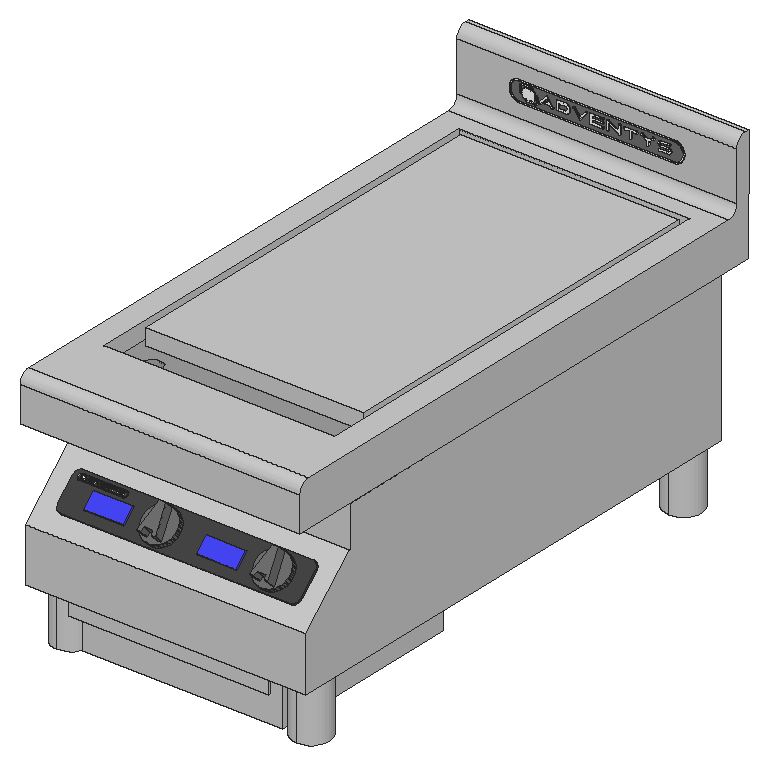
Revit family "QF_ADVENTYS_MOP2I_8000_250902084430", category Specialty Equipment, Revit 2021
Family settings
  Round Connector Dimension = Use Diameter
  Part Type = Normal
  OmniClass Number = 23.40.40.14
  OmniClass Title = Food Service Equipment
  Work Plane-Based = No
  Always vertical = Yes
  Cut with Voids When Loaded = No
  Shared = No
  Room Calculation Point = No
Parameters (values of type "ADV1660")
  Weight in Pounds [instance] = 0
  Weight = 51.00 kg
  Warranty Start Date [instance] = ""
  Warranty Duration [instance] = ""
  Volts [instance] = 400 V
  URL Recommended Spares List = ""
  URL Manufacturer = ""
  URL Cutsheet = ""
  URL Critical Spares List = ""
  URL = "www.adventys.com"
  Tag Number [instance] = ""
  Status [instance] = ""
  Specification by User [instance] = ""
  Specification by Manufacturer [instance] = ""
  Sound Level [instance] = ""
  Solid Fuel Type [instance] = ""
  Service Life Duration [instance] = ""
  Serial Number [instance] = ""
  Seismic Rating [instance] = ""
  SMACNA No [instance] = ""
  Revision Code [instance] = ""
  Revision [instance] = ""
  Production Year [instance] = ""
  Point Load [instance] = 0
  Phase [instance] = 3
  Other Equipment Approvals [instance] = ""
  Number of Poles [instance] = 3
  NAFEM Spec ID Number [instance] = ""
  Model Warning [instance] = ""
  Model = "MOP2I 8000"
  Min Ckt Ampacity [instance] = 0 A
  Max Overcurrent Protection [instance] = 16 A
  Masterspec [instance] = ""
  Manufacturer = "ADVENTYS"
  Length Actual = 400 mm
  Item Number [instance] = ""
  Installed By [instance] = ""
  Installation Date [instance] = ""
  Identify Quantity as Lot [instance] = no
  ID [instance] = ""
  Hygiene Approval [instance] = ""
  Hot Water Consumption = 0.0 L/s
  Height Actual = 456 mm
  HP power [instance] = ""
  Furnished By [instance] = ""
  Foodservice Equipment Identifier [instance] = no
  FL Amps [instance] = 12 A
  Electrical Remarks [instance] = "Plug not included"
  Electric power [instance] = 0 W
  Electric Connection Type [instance] = "Cord&Plug"
  Elec Conn RI Height [instance] = 0 mm
  Elec Conn Connection Height [instance] = 0 mm
  ETL Approved [instance] = no
  Description = "INDUCTION PLANCHA MODULE 2 ZONES THREE-PHASE"
  Depth Actual = 800 mm
  Default Elevation = 0 mm
  Cycle [instance] = 50 Hz
  Cost = 0
  Conn Plug [instance] = ""
  Conn Conduit [instance] = no
  CSI MasterFormat [instance] = ""
  CE Approved [instance] = no
  Barcode [instance] = 0
  Author [instance] = ""
  Asset Identifier [instance] = ""
  Apparent Power [instance] = 8000 VA
  Accessory = no
Reference planes
  plane 1 "Center (Front/Back)": y = 0
  plane 2: z = 0
  plane 3 "Center (Left/Right)": x = 0
Forms (mm)
  Extrusion 1, solid, not visible
    sketch origin (111.005, -39.002, 227.011) x (1, 0, 0) y (0, 1, 0)
      loop
        line (-2, 2) -> (-2, -2) -> (2, -2) -> (2, 2) -> (-2, 2)
    from -2 to 2
Dimensions and locks
  locked: Extrusion 1 to nested 2
  locked: nested 2 to Extrusion 1 at 2
  aligned and locked: level to plane 2
Nested families
  nested 1: "QF_ADVENTYS_ADV1660_2916" at (0, 0, 0), type "ADV1660"
    with Status "", Show Logo yes
  nested 2: "CONN_POINT_ELE_2D___Generic_Annotation" at (111.005, -37.002, 227.011), type "CONN_POINT_ELE_2D___Generic_Annotation"
    with Onboard connection annotation symbol visibility yes
Connectors
  electrical at (111.005, -37.002, 227.011), driven by "Apparent Power", driven by "Number of Poles", driven by "Volts"
    settings: on Extrusion 1, index 1, voltage 400 V, apparent load 0 VA, apparent load phase1 8000 VA, apparent load phase2 0 VA, apparent load phase3 0 VA, power factor 1, load classification "Other", number of poles 3, system type 31, power factor state 1, is connector primary yes, connector utility no, sub classification motor no, connector description "Electrical connection for MOP2I 8000"
Definition of nested family "QF_ADVENTYS_ADV1660_2916"
  Parameters (values of type "ADV1660")
    URL = "www.adventys.com"
    Status [instance] = ""
    Show Logo [instance] = yes
    Model = "MOP2i 8000"
    Manufacturer = "ADVENTYS"
    Description = "INDUCTION PLANCHA MODULE 2 ZONES THREE-PHASE"
    Default Elevation = 0 mm
    Author = "SPECIFI"
    Assembly Code = "E1090320"
  Reference planes
    plane 1 "Back": y = 0
    plane 2: z = 0
    plane 3 "Left": x = 0
    plane 4 "Right": x = 400
    plane 5 "Front": y = -800
    plane 6 "Top": z = 455.8
  Forms (mm)
    Extrusion 1, solid
      sketch origin (0, 0, 0) x (0, 1, 0) y (0, 0, 1)
        loop
          line (-790, 80) -> (-50, 80) -> (-50, 290.8) -> (-712.5, 290.8) -> (-712.5, 231.089) -> (-790, 157.462) -> (-790, 80)
      from 0 to 400
    Extrusion 2, solid
      sketch origin (0, 0, 0) x (0, 1, 0) y (0, 0, 1)
        loop
          line (-35, 355.8) -> (-50, 355.8) -> (-50, 290.8) -> (0, 290.8) -> (0, 455.8) -> (-5, 455.8)
          arc (-5, 455.8) -> (-15.607, 451.407) -> (-20, 440.8) r 15
          line (-20, 440.8) -> (-20, 370.8)
          arc (-20, 370.8) -> (-24.393, 360.193) -> (-35, 355.8) r 15
      from 0 to 400
    Extrusion 3, solid
      sketch origin (0, 0, 170) x (0, 1, 0) y (0, 0, 1)
        loop
          line (-800, 120.8) -> (-712.5, 120.8) -> (-712.5, 185.8) -> (-785, 185.8)
          arc (-785, 185.8) -> (-795.607, 181.407) -> (-800, 170.8) r 15
          line (-800, 170.8) -> (-800, 120.8)
      from 0 to 400
    Extrusion 4, solid
      sketch origin (0, 0, 0) x (1, 0, 0) y (0, 1, 0)
        loop
          line (0, -50) -> (0, -712.5) -> (400, -712.5) -> (400, -50) -> (0, -50)
        loop
          line (35, -60.313) -> (35, -693.8) -> (365, -693.8) -> (365, -60.313) -> (35, -60.313)
      from 290.8 to 355.8
    Extrusion 5, solid
      sketch origin (0, 0, 0) x (1, 0, 0) y (0, 1, 0)
        loop
          line (356.124, -632.3) -> (356.124, -70) -> (45.3, -70) -> (45.3, -632.3) -> (356.124, -632.3)
      from 333.147 to 355.8
    Extrusion 6, solid
      sketch origin (0, 0, 0) x (1, 0, 0) y (0, 1, 0)
        loop
          line (35, -60.313) -> (35, -693.8) -> (365, -693.8) -> (365, -60.313) -> (35, -60.313)
        loop
          circle (79.689, -664.448) r 14
      from 290.8 to 333.147
    Extrusion 7, solid
      sketch origin (0, 0, 0) x (0, 1, 0) y (0, 0, 1)
        loop
          line (-475, 78) -> (-785, 78) -> (-785, 58) -> (-783.5, 58) -> (-783.5, 76.5) -> (-760, 76.5) -> (-760, 3) -> (-475, 3) -> (-475, 78)
      from 57.647 to 342.939
    Revolve 8, solid
      sketch origin (29.5, 0, 0) x (0, 1, 0) y (0, 0, 1)
        loop
          line (-771, 80) -> (-771, 0) -> (-745, 0) -> (-745, 80) -> (-771, 80)
        axis (-745, 80) -> (-745, 0)
      angle from 0 to 360
    Revolve 9, solid
      sketch origin (371.5, 0, 0) x (0, 1, 0) y (0, 0, 1)
        loop
          line (-771, 80) -> (-771, 0) -> (-745, 0) -> (-745, 80) -> (-771, 80)
        axis (-745, 80) -> (-745, 0)
      angle from 0 to 360
    Revolve 10, solid
      sketch origin (29.5, 665, 0) x (0, 1, 0) y (0, 0, 1)
        loop
          line (-771, 80) -> (-771, 0) -> (-745, 0) -> (-745, 80) -> (-771, 80)
        axis (-745, 80) -> (-745, 0)
      angle from 0 to 360
    Revolve 11, solid
      sketch origin (371.5, 665, 0) x (0, 1, 0) y (0, 0, 1)
        loop
          line (-771, 80) -> (-771, 0) -> (-745, 0) -> (-745, 80) -> (-771, 80)
        axis (-745, 80) -> (-745, 0)
      angle from 0 to 360
    Extrusion 12, solid
      sketch origin (0, 0, -0.081) x (1, 0, 0) y (0, 0, 1)
        loop
          line (173, 264) -> (47, 264) -> (47, 170) -> (173, 170) -> (173, 264)
      from 47.858 to 50
    Extrusion 13, solid
      sketch origin (0, 0, -0.081) x (1, 0, 0) y (0, 0, 1)
        loop
          circle (110.78, 227.161) r 15
      from 36.426 to 47.858
    Extrusion 14, solid
      sketch origin (525, -711.774, 231.779) x (0, -0.724991, -0.688759) y (1, 0, 0)
        loop
          arc (26.45, -488.6) -> (29.379, -495.671) -> (36.45, -498.6) r 10
          line (36.45, -498.6) -> (72.45, -498.6)
          arc (72.45, -498.6) -> (79.521, -495.671) -> (82.45, -488.6) r 10
          line (82.45, -488.6) -> (82.45, -161.4)
          arc (82.45, -161.4) -> (79.521, -154.329) -> (72.45, -151.4) r 10
          line (72.45, -151.4) -> (36.45, -151.4)
          arc (36.45, -151.4) -> (29.379, -154.329) -> (26.45, -161.4) r 10
          line (26.45, -161.4) -> (26.45, -488.6)
      from 0 to 1.881
    Extrusion 15, solid
      sketch origin (517.5, -711.774, 231.779) x (0, -0.724991, -0.688759) y (1, 0, 0)
        loop
          line (44.95, -293.6) -> (68.95, -293.6) -> (68.95, -237.6) -> (44.95, -237.6) -> (44.95, -293.6)
      from 1.881 to 3.679
    Extrusion 16, solid
      sketch origin (526.25, -711.774, 231.779) x (0, -0.724991, -0.688759) y (1, 0, 0)
        loop
          line (77.193, -371.481) -> (78.52, -367.858) -> (79.283, -363.991) -> (79.427, -360.015) -> (78.941, -356.081) -> (77.862, -352.331) -> (76.265, -348.888) -> (74.254, -345.841) -> (71.944, -343.24) -> (69.45, -341.1) -> (66.873, -339.405) -> (64.297, -338.121) -> (61.785, -337.2) -> (59.381, -336.591) -> (56.817, -336.212) -> (54.45, -336.1) -> (52.084, -336.212) -> (49.52, -336.591) -> (47.116, -337.2) -> (44.604, -338.121) -> (42.027, -339.405) -> (39.45, -341.1) -> (36.956, -343.24) -> (34.647, -345.841) -> (32.636, -348.888) -> (31.039, -352.331) -> (29.959, -356.081) -> (29.474, -360.015) -> (29.618, -363.991) -> (30.381, -367.858) -> (31.708, -371.481) -> (33.507, -374.752) -> (35.926, -377.889) -> (38.945, -380.711) -> (42.475, -383.045) -> (46.365, -384.756) -> (50.423, -385.773) -> (54.45, -386.1) -> (58.478, -385.773) -> (62.536, -384.756) -> (66.426, -383.045) -> (69.956, -380.711) -> (72.974, -377.889) -> (75.393, -374.752) -> (77.193, -371.481)
      from 1.881 to 10
    Extrusion 17, solid
      sketch origin (526.25, -711.774, 231.779) x (0, -0.724991, -0.688759) y (1, 0, 0)
        loop
          line (72.45, -353.1) -> (72.45, -348.1) -> (31.45, -357.1) -> (31.45, -365.1) -> (72.45, -374.1) -> (72.45, -369.1) -> (66.45, -367.1) -> (66.45, -355.1) -> (72.45, -353.1)
      from 10 to 25.009
    Extrusion 18, solid, visible <- "Show Logo"
      sketch origin (-49.765, -309.46, 372.757) x (1, 0, 0) y (0, 0.724991, 0.688759)
        loop
          arc (88.581, -421.313) -> (88.113, -421.507) -> (87.92, -421.974) r 0.661
          line (87.92, -421.974) -> (87.92, -423.61)
          arc (87.92, -423.61) -> (88.124, -424.087) -> (88.609, -424.27) r 0.661
          line (88.609, -424.27) -> (88.609, -423.032)
          arc (88.609, -423.032) -> (88.952, -422.351) -> (89.662, -422.077) r 1.058
          line (89.662, -422.077) -> (92.486, -422.077)
          arc (92.486, -422.077) -> (92.335, -421.544) -> (91.833, -421.313) r 0.661
          line (91.833, -421.313) -> (88.581, -421.313)
        loop
          arc (88.581, -420.916) -> (87.833, -421.226) -> (87.523, -421.974) r 1.058
          line (87.523, -421.974) -> (87.523, -423.61)
          arc (87.523, -423.61) -> (87.843, -424.368) -> (88.609, -424.667) r 1.058
          arc (88.609, -424.667) -> (88.88, -425.483) -> (89.667, -425.828) r 1.058
          arc (89.667, -425.828) -> (89.974, -426.583) -> (90.725, -426.896) r 1.058
          line (90.725, -426.896) -> (93.719, -426.896)
          arc (93.719, -426.896) -> (94.467, -426.586) -> (94.777, -425.838) r 1.058
          line (94.777, -425.838) -> (94.777, -424.306)
          arc (94.777, -424.306) -> (94.463, -423.554) -> (93.708, -423.248) r 1.058
          arc (93.708, -423.248) -> (93.515, -422.517) -> (92.883, -422.101) r 1.058
          arc (92.883, -422.101) -> (92.625, -421.273) -> (91.833, -420.916) r 1.058
          line (91.833, -420.916) -> (88.581, -420.916)
        loop
          arc (93.719, -426.499) -> (94.187, -426.306) -> (94.38, -425.838) r 0.661
          line (94.38, -425.838) -> (94.38, -424.306)
          arc (94.38, -424.306) -> (94.185, -423.837) -> (93.714, -423.645) r 0.661
          line (93.714, -423.645) -> (93.714, -424.77)
          arc (93.714, -424.77) -> (93.404, -425.518) -> (92.656, -425.828) r 1.058
          line (92.656, -425.828) -> (90.064, -425.828)
          arc (90.064, -425.828) -> (90.254, -426.302) -> (90.725, -426.499) r 0.661
          line (90.725, -426.499) -> (93.719, -426.499)
        loop
          arc (95.546, -425.156) -> (95.587, -425.684) -> (96.116, -425.67) r 0.384
          line (96.116, -425.67) -> (96.845, -424.94) -> (99.743, -424.94) -> (100.472, -425.67)
          arc (100.472, -425.67) -> (101.001, -425.684) -> (101.042, -425.156) r 0.384
          line (101.042, -425.156) -> (98.294, -421.762) -> (95.546, -425.156)
        loop
          line (98.294, -423.127) -> (97.364, -424.275) -> (99.224, -424.275) -> (98.294, -423.127)
        loop
          line (102.315, -421.827) -> (102.315, -425.732) -> (105.995, -425.732)
          arc (105.995, -425.732) -> (107.947, -423.78) -> (105.995, -421.827) r 1.953
          line (105.995, -421.827) -> (102.315, -421.827)
        loop
          line (105.995, -422.854) -> (103.343, -422.854) -> (103.343, -424.705) -> (105.995, -424.705)
          arc (105.995, -424.705) -> (106.92, -423.78) -> (105.995, -422.854) r 0.925
        loop
          arc (109.84, -422.053) -> (109.312, -422.039) -> (109.27, -422.566) r 0.384
          line (109.27, -422.566) -> (112.019, -425.961) -> (114.767, -422.566)
          arc (114.767, -422.566) -> (114.725, -422.039) -> (114.197, -422.053) r 0.384
          line (114.197, -422.053) -> (112.019, -424.743) -> (109.84, -422.053)
        loop
          line (121.269, -421.781) -> (116.07, -421.781) -> (116.07, -425.732) -> (121.269, -425.732)
          arc (121.269, -425.732) -> (121.671, -425.331) -> (121.269, -424.93) r 0.401
          line (121.269, -424.93) -> (116.972, -424.93) -> (116.972, -424.139) -> (121.269, -424.139)
          arc (121.269, -424.139) -> (121.633, -423.775) -> (121.269, -423.412) r 0.363
          line (121.269, -423.412) -> (116.972, -423.412) -> (116.972, -422.583) -> (121.269, -422.583)
          arc (121.269, -422.583) -> (121.671, -422.182) -> (121.269, -421.781) r 0.401
        loop
          line (122.879, -422.331) -> (122.879, -425.274)
          arc (122.879, -425.274) -> (123.306, -425.701) -> (123.733, -425.274) r 0.427
          line (123.733, -425.274) -> (123.733, -423.122) -> (127.538, -425.5)
          arc (127.538, -425.5) -> (128.155, -425.516) -> (128.468, -424.984) r 0.608
          line (128.468, -424.984) -> (128.468, -422.254)
          arc (128.468, -422.254) -> (128.018, -421.804) -> (127.568, -422.254) r 0.45
          line (127.568, -422.254) -> (127.568, -424.337) -> (123.663, -421.897)
          arc (123.663, -421.897) -> (123.143, -421.883) -> (122.879, -422.331) r 0.513
        loop
          arc (130.273, -421.857) -> (129.778, -422.352) -> (130.273, -422.846) r 0.494
          line (130.273, -422.846) -> (132.065, -422.846) -> (132.065, -425.082)
          arc (132.065, -425.082) -> (132.54, -425.558) -> (133.016, -425.082) r 0.475
          line (133.016, -425.082) -> (133.016, -422.846) -> (134.724, -422.846)
          arc (134.724, -422.846) -> (135.218, -422.352) -> (134.724, -421.857) r 0.494
          line (134.724, -421.857) -> (130.273, -421.857)
        loop
          line (139.461, -423.175) -> (137.5, -421.853)
          arc (137.5, -421.853) -> (136.836, -421.982) -> (136.965, -422.646) r 0.479
          line (136.965, -422.646) -> (138.926, -423.969) -> (138.926, -425.108)
          arc (138.926, -425.108) -> (139.461, -425.643) -> (139.997, -425.108) r 0.535
          line (139.997, -425.108) -> (139.997, -423.969) -> (141.958, -422.646)
          arc (141.958, -422.646) -> (142.087, -421.982) -> (141.423, -421.853) r 0.479
          line (141.423, -421.853) -> (139.461, -423.175)
        loop
          line (148.501, -421.857) -> (144.795, -421.857)
          arc (144.795, -421.857) -> (143.661, -422.991) -> (144.795, -424.125) r 1.134
          line (144.795, -424.125) -> (147.852, -424.125)
          arc (147.852, -424.125) -> (148.265, -424.538) -> (147.852, -424.951) r 0.413
          line (147.852, -424.951) -> (144.128, -424.951)
          arc (144.128, -424.951) -> (143.786, -425.292) -> (144.128, -425.634) r 0.342
          line (144.128, -425.634) -> (148.218, -425.634)
          arc (148.218, -425.634) -> (148.994, -424.394) -> (147.885, -423.44) r 1.122
          line (147.885, -423.44) -> (144.736, -423.44)
          arc (144.736, -423.44) -> (144.286, -422.99) -> (144.736, -422.541) r 0.45
          line (144.736, -422.541) -> (148.501, -422.541)
          arc (148.501, -422.541) -> (148.843, -422.199) -> (148.501, -421.857) r 0.342
        loop
          arc (87.442, -420.162) -> (83.674, -423.931) -> (87.442, -427.699) r 3.769
          line (87.442, -427.699) -> (150.103, -427.699)
          arc (150.103, -427.699) -> (153.872, -423.931) -> (150.103, -420.162) r 3.769
          line (150.103, -420.162) -> (87.442, -420.162)
        loop
          arc (87.442, -419.771) -> (83.283, -423.931) -> (87.442, -428.091) r 4.16
          line (87.442, -428.091) -> (150.103, -428.091)
          arc (150.103, -428.091) -> (154.263, -423.931) -> (150.103, -419.771) r 4.16
          line (150.103, -419.771) -> (87.442, -419.771)
      from 176.77 to 176.97
    Extrusion 19, solid
      sketch origin (687.5, -711.774, 231.779) x (0, -0.724991, -0.688759) y (1, 0, 0)
        loop
          line (77.193, -371.481) -> (78.52, -367.858) -> (79.283, -363.991) -> (79.427, -360.015) -> (78.941, -356.081) -> (77.862, -352.331) -> (76.265, -348.888) -> (74.254, -345.841) -> (71.944, -343.24) -> (69.45, -341.1) -> (66.873, -339.405) -> (64.297, -338.121) -> (61.785, -337.2) -> (59.381, -336.591) -> (56.817, -336.212) -> (54.45, -336.1) -> (52.084, -336.212) -> (49.52, -336.591) -> (47.116, -337.2) -> (44.604, -338.121) -> (42.027, -339.405) -> (39.45, -341.1) -> (36.956, -343.24) -> (34.647, -345.841) -> (32.636, -348.888) -> (31.039, -352.331) -> (29.959, -356.081) -> (29.474, -360.015) -> (29.618, -363.991) -> (30.381, -367.858) -> (31.708, -371.481) -> (33.507, -374.752) -> (35.926, -377.889) -> (38.945, -380.711) -> (42.475, -383.045) -> (46.365, -384.756) -> (50.423, -385.773) -> (54.45, -386.1) -> (58.478, -385.773) -> (62.536, -384.756) -> (66.426, -383.045) -> (69.956, -380.711) -> (72.974, -377.889) -> (75.393, -374.752) -> (77.193, -371.481)
      from 1.881 to 10
    Extrusion 20, solid
      sketch origin (687.5, -711.774, 231.779) x (0, -0.724991, -0.688759) y (1, 0, 0)
        loop
          line (72.45, -353.1) -> (72.45, -348.1) -> (31.45, -357.1) -> (31.45, -365.1) -> (72.45, -374.1) -> (72.45, -369.1) -> (66.45, -367.1) -> (66.45, -355.1) -> (72.45, -353.1)
      from 10 to 25.009
    Extrusion 21, solid
      sketch origin (356.25, -711.774, 231.779) x (0, -0.724991, -0.688759) y (1, 0, 0)
        loop
          line (44.95, -293.6) -> (68.95, -293.6) -> (68.95, -237.6) -> (44.95, -237.6) -> (44.95, -293.6)
      from 1.881 to 3.679
    Extrusion 22, solid, visible <- "Show Logo"
      sketch origin (66.717, 156.57, 820.632) x (1, 0, 0) y (0, 0, 1)
        loop
          arc (26.945, -405.612) -> (25.297, -406.294) -> (24.615, -407.942) r 2.329
          line (24.615, -407.942) -> (24.615, -413.701)
          arc (24.615, -413.701) -> (25.333, -415.383) -> (27.044, -416.028) r 2.329
          line (27.044, -416.028) -> (27.044, -411.667)
          arc (27.044, -411.667) -> (28.249, -409.269) -> (30.753, -408.302) r 3.727
          line (30.753, -408.302) -> (40.699, -408.302)
          arc (40.699, -408.302) -> (40.168, -406.427) -> (38.398, -405.612) r 2.329
          line (38.398, -405.612) -> (26.945, -405.612)
        loop
          arc (26.945, -404.215) -> (24.309, -405.306) -> (23.218, -407.942) r 3.727
          line (23.218, -407.942) -> (23.218, -413.701)
          arc (23.218, -413.701) -> (24.345, -416.371) -> (27.044, -417.427) r 3.727
          arc (27.044, -417.427) -> (27.999, -420.299) -> (30.77, -421.516) r 3.727
          arc (30.77, -421.516) -> (31.85, -424.173) -> (34.497, -425.277) r 3.727
          line (34.497, -425.277) -> (45.04, -425.277)
          arc (45.04, -425.277) -> (47.676, -424.185) -> (48.767, -421.55) r 3.727
          line (48.767, -421.55) -> (48.767, -416.154)
          arc (48.767, -416.154) -> (47.662, -413.505) -> (45.002, -412.427) r 3.727
          arc (45.002, -412.427) -> (44.322, -409.853) -> (42.098, -408.389) r 3.727
          arc (42.098, -408.389) -> (41.187, -405.47) -> (38.398, -404.215) r 3.727
          line (38.398, -404.215) -> (26.945, -404.215)
        loop
          arc (45.04, -423.879) -> (46.687, -423.197) -> (47.37, -421.55) r 2.329
          line (47.37, -421.55) -> (47.37, -416.154)
          arc (47.37, -416.154) -> (46.681, -414.501) -> (45.023, -413.825) r 2.329
          line (45.023, -413.825) -> (45.023, -417.789)
          arc (45.023, -417.789) -> (43.932, -420.424) -> (41.297, -421.516) r 3.727
          line (41.297, -421.516) -> (32.168, -421.516)
          arc (32.168, -421.516) -> (32.838, -423.185) -> (34.497, -423.879) r 2.329
          line (34.497, -423.879) -> (45.04, -423.879)
        loop
          arc (51.474, -419.149) -> (51.62, -421.006) -> (53.482, -420.957) r 1.353
          line (53.482, -420.957) -> (56.052, -418.386) -> (66.256, -418.386) -> (68.827, -420.957)
          arc (68.827, -420.957) -> (70.688, -421.006) -> (70.834, -419.149) r 1.353
          line (70.834, -419.149) -> (61.154, -407.195) -> (51.474, -419.149)
        loop
          line (61.154, -412) -> (57.878, -416.046) -> (64.43, -416.046) -> (61.154, -412)
        loop
          line (75.318, -407.422) -> (75.318, -421.177) -> (88.277, -421.177)
          arc (88.277, -421.177) -> (95.155, -414.299) -> (88.277, -407.422) r 6.877
          line (88.277, -407.422) -> (75.318, -407.422)
        loop
          line (88.277, -411.041) -> (78.937, -411.041) -> (78.937, -417.558) -> (88.277, -417.558)
          arc (88.277, -417.558) -> (91.536, -414.299) -> (88.277, -411.041) r 3.259
        loop
          arc (101.821, -408.219) -> (99.959, -408.171) -> (99.813, -410.027) r 1.353
          line (99.813, -410.027) -> (109.493, -421.981) -> (119.174, -410.027)
          arc (119.174, -410.027) -> (119.028, -408.171) -> (117.166, -408.219) r 1.353
          line (117.166, -408.219) -> (109.493, -417.694) -> (101.821, -408.219)
        loop
          line (142.076, -407.26) -> (123.764, -407.26) -> (123.764, -421.177) -> (142.076, -421.177)
          arc (142.076, -421.177) -> (143.489, -419.764) -> (142.076, -418.35) r 1.413
          line (142.076, -418.35) -> (126.938, -418.35) -> (126.938, -415.564) -> (142.076, -415.564)
          arc (142.076, -415.564) -> (143.355, -414.285) -> (142.076, -413.006) r 1.279
          line (142.076, -413.006) -> (126.938, -413.006) -> (126.938, -410.087) -> (142.076, -410.087)
          arc (142.076, -410.087) -> (143.489, -408.673) -> (142.076, -407.26) r 1.413
        loop
          line (147.746, -409.199) -> (147.746, -419.562)
          arc (147.746, -419.562) -> (149.249, -421.066) -> (150.753, -419.562) r 1.504
          line (150.753, -419.562) -> (150.753, -411.984) -> (164.154, -420.358)
          arc (164.154, -420.358) -> (166.328, -420.415) -> (167.432, -418.542) r 2.142
          line (167.432, -418.542) -> (167.432, -408.927)
          arc (167.432, -408.927) -> (165.846, -407.341) -> (164.26, -408.927) r 1.586
          line (164.26, -408.927) -> (164.26, -416.262) -> (150.507, -407.668)
          arc (150.507, -407.668) -> (148.676, -407.62) -> (147.746, -409.199) r 1.805
        loop
          arc (173.786, -407.529) -> (172.045, -409.271) -> (173.786, -411.012) r 1.741
          line (173.786, -411.012) -> (180.099, -411.012) -> (180.099, -418.888)
          arc (180.099, -418.888) -> (181.773, -420.563) -> (183.448, -418.888) r 1.675
          line (183.448, -418.888) -> (183.448, -411.012) -> (189.463, -411.012)
          arc (189.463, -411.012) -> (191.205, -409.271) -> (189.463, -407.529) r 1.741
          line (189.463, -407.529) -> (173.786, -407.529)
        loop
          line (206.15, -412.172) -> (199.243, -407.513)
          arc (199.243, -407.513) -> (196.903, -407.967) -> (197.358, -410.307) r 1.685
          line (197.358, -410.307) -> (204.265, -414.966) -> (204.265, -418.978)
          arc (204.265, -418.978) -> (206.15, -420.863) -> (208.035, -418.978) r 1.885
          line (208.035, -418.978) -> (208.035, -414.966) -> (214.942, -410.307)
          arc (214.942, -410.307) -> (215.397, -407.967) -> (213.057, -407.513) r 1.685
          line (213.057, -407.513) -> (206.15, -412.172)
        loop
          line (237.989, -407.529) -> (224.935, -407.529)
          arc (224.935, -407.529) -> (220.943, -411.522) -> (224.935, -415.515) r 3.993
          line (224.935, -415.515) -> (235.702, -415.515)
          arc (235.702, -415.515) -> (237.157, -416.969) -> (235.702, -418.424) r 1.455
          line (235.702, -418.424) -> (222.585, -418.424)
          arc (222.585, -418.424) -> (221.382, -419.627) -> (222.585, -420.83) r 1.203
          line (222.585, -420.83) -> (236.992, -420.83)
          arc (236.992, -420.83) -> (239.726, -416.462) -> (235.818, -413.103) r 3.953
          line (235.818, -413.103) -> (224.727, -413.103)
          arc (224.727, -413.103) -> (223.143, -411.519) -> (224.727, -409.936) r 1.584
          line (224.727, -409.936) -> (237.989, -409.936)
          arc (237.989, -409.936) -> (239.192, -408.732) -> (237.989, -407.529) r 1.203
        loop
          arc (22.934, -401.559) -> (9.66, -414.832) -> (22.934, -428.106) r 13.274
          line (22.934, -428.106) -> (243.631, -428.106)
          arc (243.631, -428.106) -> (256.905, -414.832) -> (243.631, -401.559) r 13.274
          line (243.631, -401.559) -> (22.934, -401.559)
        loop
          arc (22.934, -400.181) -> (8.283, -414.832) -> (22.934, -429.484) r 14.651
          line (22.934, -429.484) -> (243.631, -429.484)
          arc (243.631, -429.484) -> (258.283, -414.832) -> (243.631, -400.181) r 14.651
          line (243.631, -400.181) -> (22.934, -400.181)
      from 176.77 to 176.97
    Extrusion 23, solid, visible <- "Show Logo"
      sketch origin (66.717, -20.4, 820.632) x (1, 0, 0) y (0, 0, 1)
        loop
          arc (243.631, -429.484) -> (258.283, -414.832) -> (243.631, -400.181) r 14.651
          line (243.631, -400.181) -> (22.934, -400.181)
          arc (22.934, -400.181) -> (8.283, -414.832) -> (22.934, -429.484) r 14.651
          line (22.934, -429.484) -> (243.631, -429.484)
      from -0.2 to -0.4
  Cuts and joins
    joined: Extrusion 2, Extrusion 3, Extrusion 4
  Lines and regions (mm)
    symbolic lines
      curve 1: line (0, 0, 0) -> (400, 0, 0)
      curve 2: line (0, -800, 0) -> (0, 0, 0)
      curve 3: line (400, -800, 0) -> (0, -800, 0)
      curve 4: line (400, 0, 0) -> (400, -800, 0)
      curve 5: line (35, -60.313, 0) -> (365, -60.313, 0)
      curve 6: line (35, -693.8, 0) -> (35, -60.313, 0)
      curve 7: line (365, -693.8, 0) -> (35, -693.8, 0)
      curve 8: line (365, -60.313, 0) -> (365, -693.8, 0)
      curve 9: line (45.3, -70, 0) -> (356.124, -70, 0)
      curve 10: line (45.3, -632.3, 0) -> (45.3, -70, 0)
      curve 11: line (356.124, -632.3, 0) -> (45.3, -632.3, 0)
      curve 12: line (356.124, -70, 0) -> (356.124, -632.3, 0)
      curve 13: arc (93.689, -664.448, 0) -> (79.689, -678.448, 0) -> (65.689, -664.448, 0) r 14
      curve 14: arc (65.689, -664.448, 0) -> (79.689, -650.448, 0) -> (93.689, -664.448, 0) r 14
      curve 15: line (0, -20, 0) -> (400, -20, 0)
  Dimensions and locks
    plane 3 "Left" to plane 4 "Right" = 400 mm
    plane 5 "Front" to plane 1 "Back" = 800 mm
    plane 6 "Top" to level = 455.8 mm
    aligned and locked: level to plane 2
Definition of nested family "CONN_POINT_ELE_2D___Generic_Annotation"
  Parameters (values of type "CONN_POINT_ELE_2D___Generic_Annotation")
    Onboard connection annotation symbol visibility [instance] = yes
  Reference planes
    plane 1: y = 0
    plane 2: x = 0
  Lines and regions (mm)
    detail lines, visible <- "Onboard connection annotation symbol visibility"
      curve 1: circle (0, 0, 0) r 0.5 normal (0, 0, 1)
      curve 2: line (-1, 0, 0) -> (1, 0, 0)
      curve 3: line (0, 1, 0) -> (0, -1, 0)
      curve 4: line (2.5, 1, 0) -> (1.25, 1, 0)
      curve 5: line (1.25, 1, 0) -> (1.25, -1, 0)
      curve 6: line (1.25, -1, 0) -> (2.5, -1, 0)
      curve 7: line (1.25, 0, 0) -> (2, 0, 0)
